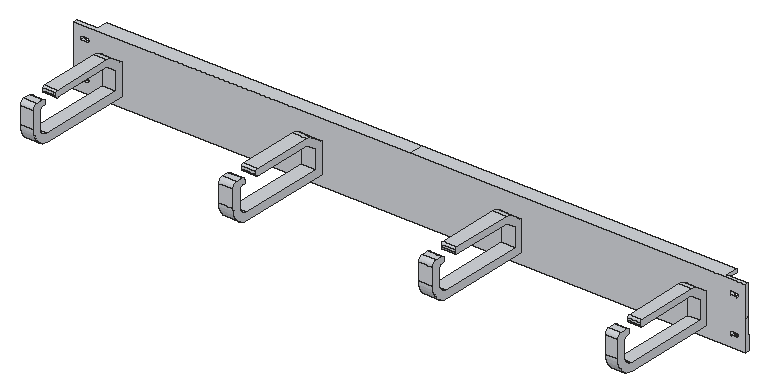
Revit family
Parameters
  Material ID = "760038240\r\n"
  Description = "HCM-19-SS-1U-EMEA\r\nHCM-19-SS-1U-EMEA\r\n"
Reference planes (in)
  plane 1 "Center (Front/Back)": y = 0
  plane 2: z = 0
  plane 3 "Center (Left/Right)": x = 0
Forms (in)
  Extrusion 1, solid
    sketch origin (0, 0, 0) x (1, 0, 0) y (0, 0, 1)
      loop
        line (0, 0.86) -> (-9.5, 0.86) -> (-9.5, 0) -> (-9.5, -0.86) -> (0, -0.86) -> (9.5, -0.86) -> (9.5, 0) -> (9.5, 0.86) -> (0, 0.86)
    from 0 to 0.41
  Extrusion 2, void
    sketch origin (0, 0, 0) x (0, 1, 0) y (0, 0, 1)
      loop
        line (0, 0.78104) -> (-0.32884, 0.78104) -> (-0.32884, -0.79414) -> (0, -0.79414) -> (0, 0.78104)
    from -9.5 to 9.5
  Extrusion 3, void
    sketch origin (0, 0, 0.86) x (0, 1, 0) y (1, 0, 0)
      loop
        line (0, 9.5) -> (-0.32723, 9.5) -> (-0.32723, 8.9) -> (0, 8.9) -> (0, 9.5)
      loop
        line (0, -9.5) -> (0, -8.9) -> (-0.32972, -8.9) -> (-0.32972, -9.5) -> (0, -9.5)
    from 0 to 1.72
  Extrusion 4, void
    sketch origin (0, 0, 0) x (1, 0, 0) y (0, 0, 1)
      loop
        arc (9.12756, 0.57582) -> (9.06373, 0.51199) -> (9.12756, 0.44816) r 0.06383
        line (9.12756, 0.44816) -> (9.24428, 0.44816)
        arc (9.24428, 0.44816) -> (9.30811, 0.51199) -> (9.24428, 0.57582) r 0.06383
        line (9.24428, 0.57582) -> (9.12756, 0.57582)
      loop
        line (9.12756, -0.57582) -> (9.24428, -0.57582)
        arc (9.24428, -0.57582) -> (9.30811, -0.51199) -> (9.24428, -0.44816) r 0.06383
        line (9.24428, -0.44816) -> (9.12756, -0.44816)
        arc (9.12756, -0.44816) -> (9.06373, -0.51199) -> (9.12756, -0.57582) r 0.06383
      loop
        line (-9.12756, 0.57582) -> (-9.24428, 0.57582)
        arc (-9.24428, 0.57582) -> (-9.30811, 0.51199) -> (-9.24428, 0.44816) r 0.06383
        line (-9.24428, 0.44816) -> (-9.12756, 0.44816)
        arc (-9.12756, 0.44816) -> (-9.06373, 0.51199) -> (-9.12756, 0.57582) r 0.06383
      loop
        arc (-9.12756, -0.57582) -> (-9.06373, -0.51199) -> (-9.12756, -0.44816) r 0.06383
        line (-9.12756, -0.44816) -> (-9.24428, -0.44816)
        arc (-9.24428, -0.44816) -> (-9.30811, -0.51199) -> (-9.24428, -0.57582) r 0.06383
        line (-9.24428, -0.57582) -> (-9.12756, -0.57582)
    from 0 to 12
  Extrusion 5, solid
    sketch origin (0, 0, 0) x (0, 1, 0) y (0, 0, 1)
      loop
        line (-0.41, -0.57582) -> (-0.41, 0.29916) -> (-0.70582, 0.50629)
        arc (-0.70582, 0.50629) -> (-0.80821, 0.55678) -> (-0.92104, 0.57415) r 0.37522
        line (-0.92104, 0.57415) -> (-2.66896, 0.57415)
        arc (-2.66896, 0.57415) -> (-2.70571, 0.55893) -> (-2.72093, 0.52219) r 0.05196
        line (-2.72093, 0.52219) -> (-2.72093, 0.44862)
        arc (-2.72093, 0.44862) -> (-2.70702, 0.41506) -> (-2.67347, 0.40116) r 0.04746
        line (-2.67347, 0.40116) -> (-0.93413, 0.40116) -> (-0.59889, 0.16642) -> (-0.59889, -0.35298) -> (-3.03571, -0.35298)
        arc (-3.03571, -0.35298) -> (-3.22941, -0.27275) -> (-3.30964, -0.07905) r 0.27393
        line (-3.30964, -0.07905) -> (-3.30964, 0.31)
        arc (-3.30964, 0.31) -> (-3.28294, 0.37446) -> (-3.21848, 0.40116) r 0.09116
        line (-3.21848, 0.40116) -> (-3.12914, 0.40116) -> (-3.12914, 0.4922)
        arc (-3.12914, 0.4922) -> (-3.15032, 0.54332) -> (-3.20144, 0.5645) r 0.07229
        line (-3.20144, 0.5645) -> (-3.40208, 0.5645)
        arc (-3.40208, 0.5645) -> (-3.49253, 0.52703) -> (-3.53, 0.43658) r 0.12792
        line (-3.53, 0.43658) -> (-3.53, -0.05653)
        arc (-3.53, -0.05653) -> (-3.3779, -0.42373) -> (-3.01071, -0.57582) r 0.51929
        line (-3.01071, -0.57582) -> (-0.41, -0.57582)
    from -8.52768 to 8.3722
  Extrusion 6, void
    sketch origin (0, 0, 0) x (1, 0, 0) y (0, 0, 1)
      loop
        line (8.01826, 0.65697) -> (3.14117, 0.65697) -> (3.14117, -0.71599) -> (8.01826, -0.71599) -> (8.01826, 0.65697)
      loop
        line (-8.15883, 0.65697) -> (-8.15883, -0.71599) -> (-2.90883, -0.71599) -> (-2.90883, 0.65697) -> (-8.15883, 0.65697)
      loop
        line (-2.50883, 0.65697) -> (-2.50883, -0.71599) -> (2.74117, -0.71599) -> (2.74117, 0.65697) -> (-2.50883, 0.65697)
    from 0.41 to 12
Cuts and joins
  Extrusion 2, Extrusion 3, Extrusion 4, Extrusion 6 cuts Extrusion 1
  Extrusion 6 cuts Extrusion 5
